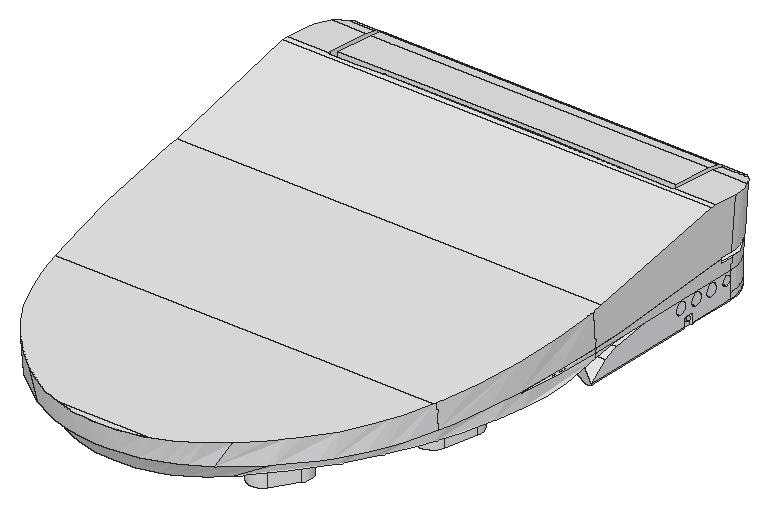
Revit family "Toilet_Seat-Elongated_Closed_Front-Cleansing-KOHLER-C3_1150-K-28362MY", category Plumbing Fixtures, host Face, Revit 2021
Family settings
  Host = Face
  Round Connector Dimension = Use Diameter
  Part Type = Normal
  OmniClass Number = 23.31.19.19.17
  OmniClass Title = Water Closet Seats
  Cut with Voids When Loaded = No
  Shared = No
  Room Calculation Point = No
Parameters (values of type "0-White")
  Width = 15 1/16"  # constant formula
  WaterSense Certified = 1 = 0  # no
  Waste Water Outlet = "Waste Water Outlet"  # constant formula
  Waste Connection = 1 = 0  # no
  Voltage = 220 V  # constant formula
  Vent Connection = 1 = 0  # no
  URL = "https://www.kohler.my/"
  Type = 1
  Seat Included = 1 = 1  # yes
  Rough-In = 0"
  Product Page URL = ""
  Product Name = "C3-1150"  # constant formula
  Product Documentation Link = ""
  Pressure = 0.00 psi
  Model = "K-28362MY-0"  # constant formula
  Material = "Plastic"  # constant formula
  Master Format 2014 Name = "Residential Water Closets"  # constant formula
  Master Format 2014 = "22 41 13.13"  # constant formula
  Manufacturer Address = "100-3.029, Block J, 129 Offices, Jaya One, No. 72A, Jalan Universiti, 46200 Petaling Jaya Selangor D\r\n"  # constant formula
  Manufacturer = "Kohler Co."  # constant formula
  Length = 20 111/256"  # constant formula
  Hot Water Inlet = "Hot Water Inlet"  # constant formula
  Height = 3.56693"  # constant formula
  HW Connection = 1 = 0  # no
  Flush Rate- LPF = "LPF"  # constant formula
  Flush Rate- GPF = "GPF"  # constant formula
  Flow Rate = 0 GPM
  Finish = Kohler-Plastic-0-White
  Environmental Product Declaration = ""
  Electrical Note = "One Dedicated Circuit Required"  # constant formula
  Electrical Connector = 1 = 1  # yes
  Description = "C3-680 Cleansing Seat"  # constant formula
  Default Elevation = 15"
  Declare Label = ""
  Date Modified = "11/27/2022"  # constant formula
  Date Created = "11/27/2022"  # constant formula
  Copyright = "Copyright Kohler Co."  # constant formula
  Contact Us = "https://www.kohler.my/contact-us"
  Cold Water Inlet = "Cold Water Inlet"  # constant formula
  CW Connection = 1 = 1  # yes
  Assembly Code = "D2010100"
  Apparent Load = 780 VA  # constant formula
  ADA Compliant = 1 = 0  # no
Reference planes (in)
  plane 1 "Center (Front/Back)": y = 0
  plane 2: z = 0
  plane 3 "Center (Left/Right)": x = 0
  plane 4: z = 0
  plane 5: z = 3.56693
  plane 6: x = -7.5315
  plane 7: x = 7.5315
  plane 8: y = -3.56693
  plane 9: x = -3.94094
  plane 10: x = 3.94094
  plane 11: y = -6.46885
  plane 12: y = -17.89011
  plane 13: y = -0.80315
  plane 14: z = 0
  plane 15: z = 3.56693
  plane 16: z = 1.81102
  plane 17: z = 1.43701
  plane 18: z = 2.77843
  plane 19: z = 0.87826
  plane 20: z = 0.41589
  plane 21: z = -0.91732
  plane 22: y = -20.43359
  plane 23: z = 0.41589
  plane 24: z = 0.87
  plane 25: x = 7.531
  plane 26: y = -2.45809
  plane 27: y = -3.41243
  plane 28: x = 7.31333
  plane 29: x = -7.31333
  plane 30: z = 1.05051
  plane 31: z = 0.4528
  plane 32: z = 0.4528
  plane 33: z = 0.4528
Forms (in)
  Extrusion 1, void
    sketch origin (0, 0, 0) x (0, 1, 0) y (0, 0, 1)
      loop
        line (-4.64786, -1.0251) -> (-3.53436, 0.0884) -> (-5.5782, 0.0884) -> (-4.64786, -1.0251)
    from -1.06073 to 1.10921
  Extrusion 2, void
    sketch origin (0.26563, 0, 0) x (1, 0, 0) y (0, 1, 0)
      loop
        circle (-1.51517, -5.13822) r 0.17977
    from -0.08081 to 0.12172
Dimensions and locks (in)
  host face to plane 4 = 0"
  "Height": level to plane 5
  plane 9 to plane 10 = 7.88189"
  plane 11 to plane 12 = 11.42126"
  level to plane 16 = 1.81102"
  level to plane 17 = 1.43701"
  "Length": plane 22 to plane 1 "Center (Front/Back)"
  "Width": plane 6 to plane 25
  aligned and locked: plane 2 to host face
  aligned and locked: level to host face
  aligned and locked: plane 3 "Center (Left/Right)" to nested 1
  aligned and locked: plane 1 "Center (Front/Back)" to nested 1
  aligned and locked: nested 1 to plane 14
  aligned and locked: plane 14 to level
Automatic sketch dimensions
  host sketch curve to host sketch curve = 96"  (x2)
  Extrusion 2 sketch curve to plane 3 "Center (Left/Right)" = 1.24954"
  plane 11 to Extrusion 2 sketch curve = 1.33063"
  plane 8 to Extrusion 1 sketch curve = 0.03257"
  level to Extrusion 1 sketch curve = 0.0884"
  plane 21 to Extrusion 1 sketch curve = 0.10778"
  Extrusion 1 sketch curve to plane 8 = 1.08093"
  plane 11 to Extrusion 1 sketch curve = 0.89065"
  radius of Extrusion 2 sketch curve = 0.17977"
Nested families (in)
  nested 1: "K-28362MY" at (0, 0, -0.91732), type "K-28362MY"
Connectors (in)
  piping at (-7.31333, -2.45809, 1.05051), diameter 0.5, driven by "CW Connection", driven by "Cold Water Inlet"
    settings: on nested 1, index 2, connector inside diameter 24", connector length 0", flow factor 0, pipe flow 0 GPM, pressure drop 0.00 psi, fitting loss kfactor 0, connector angle 0.00°, fixture units 0, engagement length 0", angle of deflection 0.00°, flow configuration 0, flow direction 1, fitting loss method 0, system type 20, joint type 0, gender type 0, connector reference index -1, connector utility 1, adjustable connector no, is connector primary yes, connector description "Cold Water Inlet"
  electrical at (7.31333, -3.41243, 0.4528), driven by "Electrical Connector", driven by "Electrical Note", driven by "Voltage", driven by "Apparent Load"
    settings: on nested 1, index 3, voltage 220 V, apparent load 780 VA, apparent load phase1 0 VA, apparent load phase2 0 VA, apparent load phase3 0 VA, power factor 1, load classification "Power", number of poles 1, system type 30, power factor state 1, is connector primary yes, connector utility yes, sub classification motor no, connector description "One Dedicated Circuit Required"
Definition of nested family "K-28362MY"
  Parameters (values of type "K-28362MY")
    Material = none
    HC = no
    Default Elevation = 0"
  Reference planes (in)
    plane 1 "Center (Front/Back)": y = 0
    plane 2: z = 0
    plane 3 "Center (Left/Right)": x = 0
    plane 4 "A": through (0, -4.15406, 2.4332) normal (0, -0.2824, 0.9593)
    plane 5 "1": through (0, -4.44479, 3.48686) normal (0, -0.2272, 0.9739)
    plane 6: z = 1.12782
    plane 7: z = 3.95289
    plane 8: z = 0
    plane 9: x = -7.5315
    plane 10: x = 7.5315
    plane 11: y = -20.43307
    plane 12: y = -0.80315
    plane 13 "4": through (0, -4.94768, 0.41919) normal (0, -0.7071, -0.7071)
    plane 14 "2": through (0, -4.38689, 0.22976) normal (0, -0.7071, 0.7071)
    plane 15: y = -6.46885
    plane 16: y = -17.89011
    plane 17: x = 3.94094
    plane 18: x = -3.94094
    plane 19: z = 4.48425
    plane 20: z = 0.91732
    plane 21: y = -37.30315
    plane 22: z = 2.72835
    plane 23: z = 2.35433
    plane 24: y = -2.53191
    plane 25: x = 7.50124
    plane 26: x = -7.50327
    plane 27: z = 3.69575
    plane 28: y = 0
    plane 29: y = -3.41243
    plane 30: z = 1.33321
    plane 31: z = 0
    plane 32: z = 1.78733
    plane 33: x = 7.31333
    plane 34: x = -7.31333
    plane 35: y = -2.45809
    plane 36: z = 1.37012
    plane 37: z = 1.96783
  Forms (in)
    Extrusion 1, void
      sketch origin (0, 0, 0) x (1, 0, 0) y (0, 1, 0)
        loop
          line (5.91841, 0.5055) -> (5.91841, -2.22794)
          arc (5.91841, -2.22794) -> (0, -2.17361) -> (-5.91841, -2.2281) r 321.9074
          line (-5.91841, -2.2281) -> (-5.91841, 0.60393) -> (-6.08082, 0.60393) -> (-6.08082, -2.36326)
          arc (-6.08082, -2.36326) -> (-6.03838, -2.46298) -> (-5.93709, -2.50153) r 0.13837
          arc (-5.93709, -2.50153) -> (0.0003, -2.38675) -> (5.93768, -2.50202) r 153.30301
          arc (5.93768, -2.50202) -> (6.03855, -2.46363) -> (6.08082, -2.36433) r 0.1378
          line (6.08082, -2.36433) -> (6.08082, 0.5055) -> (5.91841, 0.5055)
      from 2.68112 to 7.6623
    Extrusion 2, solid, material <- "Material", detail levels medium+fine
      sketch origin (0, 0, 0) x (0, 1, 0) y (0, 0, 1)
        loop
          line (-5.47875, 1.05493) -> (-4.56243, 0.02686) -> (-3.53436, 1.05493) -> (-5.47875, 1.05493)
      from -1.02586 to 1.06291
    Sweep 3, solid, material <- "Material", detail levels medium+fine
      path origin (0, 0, 0) x (1, 0, 0) y (0, 1, 0)
        loop
          line (7.31333, -8.16841) -> (7.31333, -1.5748)
          arc (7.31333, -1.5748) -> (6.85208, -0.46125) -> (5.73853, 0) r 1.5748
          line (5.73853, 0) -> (-5.81333, 0)
          arc (-5.81333, 0) -> (-6.87399, -0.43934) -> (-7.31333, -1.5) r 1.5
          line (-7.31333, -1.5) -> (-7.31333, -7.99606)
      profile origin (-7.31333, -4.74803, 0) x (1, 0, 0) y (0, 0, 1)
        loop
          line (0, 1.38413) -> (0, 1.15841)
          arc (0, 1.15841) -> (0.00565, 1.13731) -> (0.0211, 1.12186) r 0.0422
          line (0.0211, 1.12186) -> (0.33319, 0.94168)
          arc (0.33319, 0.94168) -> (0.37703, 0.92352) -> (0.42408, 0.91732) r 0.18179
          line (0.42408, 0.91732) -> (0.68301, 0.91732) -> (0.68301, 1.38413) -> (0, 1.38413)
    Extrusion 4, solid, material <- "Material", detail levels medium+fine
      sketch origin (0, 0, 0) x (1, 0, 0) y (0, 1, 0)
        loop
          arc (-5.95669, -0.68301) -> (-6.58728, -0.94421) -> (-6.84848, -1.5748) r 0.89179
          line (-6.84848, -1.5748) -> (-6.84848, -7.99606) -> (6.84848, -7.99606) -> (6.84848, -1.5748)
          arc (6.84848, -1.5748) -> (6.58728, -0.94421) -> (5.95669, -0.68301) r 0.89179
          line (5.95669, -0.68301) -> (-5.95669, -0.68301)
      from 0.91732 to 1.38413
    Extrusion 5, void
      sketch origin (0, 0, -0.05469) x (1, 0, 0) y (0, 0, 1)
        loop
          arc (-6.49631, 2.77136) -> (-6.26963, 2.7976) -> (-6.04144, 2.79893) r 2.08579
          line (-6.04144, 2.79893) -> (-6.04144, 3.13675)
          arc (-6.04144, 3.13675) -> (-6.21672, 3.13193) -> (-6.39033, 3.1073) r 1.5473
          arc (-6.39033, 3.1073) -> (-6.69483, 3.02189) -> (-6.98292, 2.89143) r 2.086
          arc (-6.98292, 2.89143) -> (-7.15579, 2.80875) -> (-7.3367, 2.74553) r 1.74393
          arc (-7.3367, 2.74553) -> (-7.44785, 2.71734) -> (-7.56062, 2.69652) r 1.74393
          arc (-7.56062, 2.69652) -> (-7.7236, 2.64352) -> (-7.89164, 2.60989) r 1.46679
          arc (-7.89164, 2.60989) -> (-7.81686, 2.5539) -> (-7.72802, 2.52499) r 0.28594
          arc (-7.72802, 2.52499) -> (-7.50668, 2.51864) -> (-7.29034, 2.56584) r 0.91167
          arc (-7.29034, 2.56584) -> (-6.8976, 2.68514) -> (-6.49631, 2.77136) r 4.93078
        loop
          arc (6.49631, 2.77136) -> (6.8976, 2.68514) -> (7.29034, 2.56584) r 4.93078
          arc (7.29034, 2.56584) -> (7.50668, 2.51864) -> (7.72802, 2.52499) r 0.91167
          arc (7.72802, 2.52499) -> (7.81686, 2.5539) -> (7.89164, 2.60989) r 0.28594
          arc (7.89164, 2.60989) -> (7.7236, 2.64352) -> (7.56062, 2.69652) r 1.46679
          arc (7.56062, 2.69652) -> (7.44785, 2.71734) -> (7.3367, 2.74553) r 1.74393
          arc (7.3367, 2.74553) -> (7.15579, 2.80875) -> (6.98292, 2.89143) r 1.74393
          arc (6.98292, 2.89143) -> (6.69483, 3.02189) -> (6.39033, 3.1073) r 2.086
          arc (6.39033, 3.1073) -> (6.21672, 3.13193) -> (6.04144, 3.13675) r 1.5473
          line (6.04144, 3.13675) -> (6.04144, 2.79893)
          arc (6.04144, 2.79893) -> (6.26963, 2.7976) -> (6.49631, 2.77136) r 2.08579
      from -0.13429 to 2.04421
    Extrusion 6, solid, material <- "Material"
      sketch origin (0.08093, 0, 0) x (1, 0, 0) y (0, 1, 0)
        loop
          arc (6.28907, -11.44968) -> (5.90327, -10.79419) -> (5.22825, -11.14469) r 0.55268
          line (5.22825, -11.14469) -> (4.95538, -12.32661)
          arc (4.95538, -12.32661) -> (5.3684, -12.98759) -> (6.02937, -12.57456) r 0.55112
          line (6.02937, -12.57456) -> (6.28907, -11.44968)
        loop
          line (-6.48592, -11.44968) -> (-6.22622, -12.57456)
          arc (-6.22622, -12.57456) -> (-5.56525, -12.98759) -> (-5.15223, -12.32661) r 0.55112
          line (-5.15223, -12.32661) -> (-5.4251, -11.14469)
          arc (-5.4251, -11.14469) -> (-6.10012, -10.79419) -> (-6.48592, -11.44968) r 0.55268
      from 0.91732 to 1.49291
    Extrusion 7, void
      sketch origin (0, 0, 0) x (0, 1, 0) y (0, 0, 1)
        loop
          arc (-2.44346, 4.58365) -> (-1.61512, 4.52879) -> (-0.7883, 4.45443) r 35.22946
          arc (-0.7883, 4.45443) -> (-0.58901, 4.42749) -> (-0.39192, 4.38749) r 3.05569
          arc (-0.39192, 4.38749) -> (-0.1827, 4.2592) -> (-0.09013, 4.03191) r 0.3937
          line (-0.09013, 4.03191) -> (0.07757, 1.63366) -> (0.51402, 1.63366) -> (0.51402, 5.25794) -> (-21.08788, 5.25794) -> (-21.08788, 2.86459)
          arc (-21.08788, 2.86459) -> (-20.4862, 2.86495) -> (-19.88453, 2.86704) r 210.34624
          arc (-19.88453, 2.86704) -> (-16.80236, 2.90473) -> (-13.72108, 2.98757) r 210.34624
          arc (-13.72108, 2.98757) -> (-10.53082, 3.18691) -> (-7.35688, 3.56574) r 56.6922
          arc (-7.35688, 3.56574) -> (-4.98208, 3.99197) -> (-2.63781, 4.56267) r 39.42662
          arc (-2.63781, 4.56267) -> (-2.54148, 4.58104) -> (-2.44346, 4.58365) r 0.60644
      from -9.62549 to 9.84252
    Extrusion 8, void
      sketch origin (0, 0, 0) x (1, 0, 0) y (0, 0, 1)
        loop
          line (3.62375, 2.99049) -> (3.62375, 1.61254) -> (5.63601, 1.61254) -> (5.63601, 2.99049) -> (3.62375, 2.99049)
        loop
          arc (3.64344, 3.06923) -> (3.57384, 3.0404) -> (3.54501, 2.9708) r 0.09843
          line (3.54501, 2.9708) -> (3.54501, 1.63222)
          arc (3.54501, 1.63222) -> (3.57384, 1.56262) -> (3.64344, 1.5338) r 0.09843
          line (3.64344, 1.5338) -> (5.65324, 1.5338)
          arc (5.65324, 1.5338) -> (5.72284, 1.56262) -> (5.75166, 1.63222) r 0.09843
          line (5.75166, 1.63222) -> (5.75166, 2.9708)
          arc (5.75166, 2.9708) -> (5.72284, 3.0404) -> (5.65324, 3.06923) r 0.09843
          line (5.65324, 3.06923) -> (3.64344, 3.06923)
      from -0.39237 to 0.16455
    Revolve 9, solid, material <- "Material", detail levels medium+fine
      sketch origin (0, 0, 0) x (0, 1, 0) y (0, 0, 1)
        loop
          line (-4.68887, -0.0024) -> (-4.53157, 0.08124) -> (-4.96245, 0.51212) -> (-4.68887, -0.0024)
        axis (-4.96245, 0.51212) -> (-4.53157, 0.08124)
      angle from 0 to 360
    Extrusion 10, void
      sketch origin (0, -2.26425, -2.26425) x (0, -0.707107, 0.707107) y (-1, 0, 0)
        loop
          line (4.40423, 0.84314) -> (4.52101, 0.87443) -> (2.89015, 0.87443) -> (2.89015, -0.87669) -> (4.52101, -0.87669) -> (4.52101, -0.8454) -> (3.087, -0.8454) -> (3.087, 0.84314) -> (4.40423, 0.84314)
      from -0.09025 to 0.67689
    Extrusion 11, void
      sketch origin (0, -2.30833, 2.30833) x (0, 0.707107, 0.707107) y (-1, 0, 0)
        loop
          line (-3.1742, -1.21901) -> (-3.1742, 1.19132) -> (-3.43784, 1.19132) -> (-3.43784, -1.21901) -> (-3.1742, -1.21901)
      from -0.09514 to 0.23435
    Extrusion 12, solid, material <- "Material"
      sketch origin (0, 0, 0) x (1, 0, 0) y (0, 1, 0)
        loop
          line (-4.25501, -16.52036) -> (-3.70463, -17.33634)
          arc (-3.70463, -17.33634) -> (-3.02144, -17.46914) -> (-2.88865, -16.78596) r 0.49213
          line (-2.88865, -16.78596) -> (-3.43903, -15.96997)
          arc (-3.43903, -15.96997) -> (-4.12222, -15.83718) -> (-4.25501, -16.52036) r 0.49213
        loop
          arc (4.25964, -16.52036) -> (4.12684, -15.83718) -> (3.44366, -15.96997) r 0.49213
          line (3.44366, -15.96997) -> (2.89327, -16.78596)
          arc (2.89327, -16.78596) -> (3.02607, -17.46914) -> (3.70925, -17.33634) r 0.49213
          line (3.70925, -17.33634) -> (4.25964, -16.52036)
      from 0.91732 to 1.49291
    Extrusion 13, void
      sketch origin (0, -0.24606, 0) x (1, 0, 0) y (0, 1, 0)
        loop
          arc (-3.01457, -5.68304) -> (-5.74362, -6.60076) -> (-8.24284, -8.03037) r 14.77384
          line (-8.24284, -8.03037) -> (8.17796, -8.03037)
          arc (8.17796, -8.03037) -> (4.92674, -6.1476) -> (1.25856, -5.33535) r 12.28646
          arc (1.25856, -5.33535) -> (-0.89068, -5.35337) -> (-3.01457, -5.68304) r 14.77384
      from -1.71563 to 1.71758
    Extrusion 14, void
      sketch origin (0, 0, 0) x (0, 1, 0) y (0, 0, 1)
        loop
          line (-8.59995, 0.37029) -> (-7.01965, 1.65)
          arc (-7.01965, 1.65) -> (-6.79687, 1.78589) -> (-6.54621, 1.85846) r 0.98425
          arc (-6.54621, 1.85846) -> (-5.49558, 2.03486) -> (-4.45175, 2.24789) r 30.46563
          arc (-4.45175, 2.24789) -> (-5.5682, 2.14306) -> (-6.68491, 2.04112) r 433.66908
          arc (-6.68491, 2.04112) -> (-7.37733, 1.94727) -> (-8.05852, 1.79159) r 7.77016
          arc (-8.05852, 1.79159) -> (-8.74373, 1.64) -> (-9.44096, 1.56027) r 6.75965
          arc (-9.44096, 1.56027) -> (-10.3103, 1.51257) -> (-11.18022, 1.47726) r 61.15216
          arc (-11.18022, 1.47726) -> (-12.35109, 1.44412) -> (-13.52225, 1.42306) r 113.58514
          arc (-13.52225, 1.42306) -> (-14.6389, 1.41231) -> (-15.75559, 1.40873) r 174.11127
          line (-15.75559, 1.40873) -> (-19.66799, 1.40873)
          arc (-19.66799, 1.40873) -> (-20.43129, 1.42997) -> (-21.19222, 1.49363) r 13.72485
          line (-21.19222, 1.49363) -> (-21.19222, 0.1505) -> (-8.59995, 0.37029)
      from -8.53725 to 9.58816
    Extrusion 15, void
      sketch origin (0, 0, 0) x (0, 1, 0) y (0, 0, -1)
        loop
          line (-2.04421, -2.64648) -> (-2.01591, -2.61818)
          arc (-2.01591, -2.61818) -> (-4.18902, -2.35864) -> (-6.3741, -2.23539) r 35.00923
          arc (-6.3741, -2.23539) -> (-8.43404, -2.17117) -> (-10.49304, -2.08188) r 169.35089
          arc (-10.49304, -2.08188) -> (-11.97639, -2.03188) -> (-13.46057, -2.02857) r 47.17689
          arc (-13.46057, -2.02857) -> (-15.19471, -2.0536) -> (-16.9288, -2.08188) r 927.827
          line (-16.9288, -2.08188) -> (-12.99405, -2.08188)
          arc (-12.99405, -2.08188) -> (-11.7449, -2.10586) -> (-10.49607, -2.14301) r 118.48811
          arc (-10.49607, -2.14301) -> (-8.43563, -2.21006) -> (-6.37489, -2.26688) r 415.27458
          arc (-6.37489, -2.26688) -> (-4.20363, -2.38916) -> (-2.04421, -2.64648) r 34.88561
      from -9.69979 to -5.91841
    Extrusion 16, void
      sketch origin (0, 0, 0) x (1, 0, 0) y (0, 1, 0)
        loop
          arc (-3.13197, -7.40143) -> (-3.65095, -7.99233) -> (-3.97572, -8.70859) r 2.67568
          arc (-3.97572, -8.70859) -> (-4.18662, -9.98022) -> (-4.10502, -11.26663) r 5.67325
          arc (-4.10502, -11.26663) -> (-3.70389, -13.11659) -> (-3.16953, -14.93254) r 26.05869
          arc (-3.16953, -14.93254) -> (-2.51301, -16.26917) -> (-1.52589, -17.38415) r 5.5713
          arc (-1.52589, -17.38415) -> (0.01763, -17.95819) -> (1.56115, -17.38415) r 2.3622
          arc (1.56115, -17.38415) -> (2.54828, -16.26917) -> (3.20479, -14.93254) r 5.5713
          arc (3.20479, -14.93254) -> (3.73916, -13.11659) -> (4.14028, -11.26663) r 26.05869
          arc (4.14028, -11.26663) -> (4.22188, -9.98022) -> (4.01099, -8.70859) r 5.67325
          arc (4.01099, -8.70859) -> (3.68622, -7.99233) -> (3.16724, -7.40143) r 2.67568
          arc (3.16724, -7.40143) -> (0.01763, -6.24708) -> (-3.13197, -7.40143) r 4.87396
      from 0.45537 to 2.32037
    Extrusion 17, solid, material <- "Material", detail levels medium+fine
      sketch origin (0, 0, 0) x (1, 0, 0) y (0, 1, 0)
        loop
          line (6.99399, -6.34927) -> (6.99399, -3.33566) -> (-6.90799, -3.33566) -> (-6.90799, -6.34927)
          arc (-6.90799, -6.34927) -> (0.043, -5.24838) -> (6.99399, -6.34927) r 22.49465
      from 1.77908 to 2.08188
    Extrusion 18, void
      sketch origin (0, 0, 0) x (0, 1, 0) y (0, 0, 1)
        loop
          arc (-1.75643, 1.78851) -> (-2.44933, 2.4487) -> (-3.12425, 1.77014) r 0.68413
          line (-3.12425, 1.77014) -> (-3.12425, 1.27281) -> (-3.03539, 1.27281) -> (-3.03539, 1.0267) -> (-2.9505, 1.0267) -> (-2.9435, 1.22721)
          arc (-2.9435, 1.22721) -> (-2.9291, 1.25955) -> (-2.89629, 1.27281) r 0.04724
          line (-2.89629, 1.27281) -> (-1.93905, 1.27281)
          arc (-1.93905, 1.27281) -> (-1.90565, 1.25897) -> (-1.89181, 1.22556) r 0.04724
          line (-1.89181, 1.22556) -> (-1.89181, 1.0267) -> (-1.80976, 1.0267) -> (-1.81979, 1.31399) -> (-1.73986, 1.31399) -> (-1.75643, 1.78851)
      from -7.717 to -7.26433
    Extrusion 19, void
      sketch origin (0, 0, 0) x (0, 1, 0) y (0, 0, 1)
        loop
          arc (-3.21131, 1.41207) -> (-3.23438, 1.46775) -> (-3.29005, 1.49081) r 0.07874
          line (-3.29005, 1.49081) -> (-3.54651, 1.49081)
          arc (-3.54651, 1.49081) -> (-3.60219, 1.46775) -> (-3.62525, 1.41207) r 0.07874
          line (-3.62525, 1.41207) -> (-3.62525, 0.99722) -> (-3.21131, 0.99722) -> (-3.21131, 1.41207)
        loop
          circle (-3.42184, 1.31728) r 0.05906
      from -7.85962 to -7.26433
    Extrusion 20, void
      sketch origin (0, 0, 0) x (1, 0, 0) y (0, 0, 1)
        loop
          line (3.42335, 1.45052) -> (1.41798, 1.45052) -> (1.41798, 0.8935) -> (3.42335, 0.9986) -> (3.42335, 1.45052)
        loop
          line (-3.31542, 1.36631) -> (-3.31542, 0.77576) -> (-1.43891, 0.77576) -> (-1.43891, 1.36631) -> (-3.31542, 1.36631)
      from -0.72251 to 0.16455
    Extrusion 21, void
      sketch origin (0, 0, 0) x (1, 0, 0) y (0, 0, 1)
        loop
          arc (0.18328, 1.66189) -> (0.00181, 1.84336) -> (-0.17967, 1.66189) r 0.18147
          line (-0.17967, 1.66189) -> (-0.17967, 0.77576) -> (0.18328, 0.77576) -> (0.18328, 1.66189)
        loop
          circle (0.00181, 1.66189) r 0.0663
        loop
          arc (-6.01751, 1.58807) -> (-6.19898, 1.76955) -> (-6.38045, 1.58807) r 0.18147
          line (-6.38045, 1.58807) -> (-6.38045, 0.77576) -> (-6.01751, 0.77576) -> (-6.01751, 1.58807)
        loop
          circle (-6.19898, 1.58807) r 0.0663
        loop
          arc (6.38407, 1.58807) -> (6.20259, 1.76955) -> (6.02112, 1.58807) r 0.18147
          line (6.02112, 1.58807) -> (6.02112, 0.75499) -> (6.38407, 0.75499) -> (6.38407, 1.58807)
        loop
          circle (6.20259, 1.58807) r 0.0663
      from -0.41876 to 0.16455
    Extrusion 22, void
      sketch origin (0, 0, 0) x (0, 1, 0) y (0, 0, 1)
        loop
          circle (-3.74729, 1.83353) r 0.20472
        loop
          circle (-3.06994, 1.83353) r 0.20472
        loop
          circle (-2.41479, 1.83353) r 0.20472
        loop
          circle (-1.75244, 1.83353) r 0.15748
        loop
          line (-3.62584, 1.41402) -> (-3.62584, 0.85381) -> (-3.20754, 0.85381) -> (-3.20754, 1.41402)
          arc (-3.20754, 1.41402) -> (-3.2306, 1.4697) -> (-3.28628, 1.49276) r 0.07874
          line (-3.28628, 1.49276) -> (-3.5471, 1.49276)
          arc (-3.5471, 1.49276) -> (-3.60278, 1.4697) -> (-3.62584, 1.41402) r 0.07874
        loop
          circle (-3.74729, 1.83353) r 0.19685
        loop
          circle (-3.06994, 1.83353) r 0.19685
        loop
          circle (-2.41479, 1.83353) r 0.19685
        loop
          circle (-1.75244, 1.83353) r 0.14961
      from 7.15244 to 7.84264
    Extrusion 23, solid, material <- "Material", detail levels medium+fine
      sketch origin (0, 0.07382, 0.17224) x (0, 1, 0) y (0, 0, 1)
        loop
          circle (-2.53191, 1.79559) r 0.19685
      from -7.31333 to -7.24747
    Extrusion 24, solid, material <- "Material"
      sketch origin (0.30664, 0, 0) x (1, 0, 0) y (0, 1, 0)
        loop
          circle (-1.55618, -5.13822) r 0.1702
      from 0.84881 to 0.91732
    Blend 25, solid, material <- "Material", detail levels medium+fine
      base sketch origin (0, 0, 0) x (1, 0, 0) y (0, 1, 0)
        loop
          line (-7.31333, -1.5748) -> (-7.31333, -7.46952)
          arc (-7.31333, -7.46952) -> (-7.06697, -11.05046) -> (-6.33252, -14.56392) r 26.14799
          arc (-6.33252, -14.56392) -> (-5.03506, -17.1877) -> (-2.87868, -19.16702) r 7.97865
          arc (-2.87868, -19.16702) -> (0.16449, -19.97981) -> (3.141, -18.94933) r 5.37906
          arc (3.141, -18.94933) -> (5.40289, -16.56202) -> (6.66704, -13.52602) r 9.08795
          arc (6.66704, -13.52602) -> (7.1513, -10.51497) -> (7.31333, -7.46952) r 28.70152
          line (7.31333, -7.46952) -> (7.31333, -1.5748)
          arc (7.31333, -1.5748) -> (6.85208, -0.46125) -> (5.73853, 0) r 1.5748
          line (5.73853, 0) -> (-5.73853, 0)
          arc (-5.73853, 0) -> (-6.85208, -0.46125) -> (-7.31333, -1.5748) r 1.5748
      top sketch origin (0, 0, 0) x (1, 0, 0) y (0, 1, 0)
        loop
          line (-7.5315, -1.5748) -> (-7.5315, -7.90027)
          arc (-7.5315, -7.90027) -> (-7.22961, -11.47029) -> (-6.33252, -14.93892) r 21.25984
          arc (-6.33252, -14.93892) -> (-5.51719, -16.76571) -> (-4.4134, -18.43412) r 12.16097
          arc (-4.4134, -18.43412) -> (0.21858, -20.58097) -> (4.68432, -18.10685) r 5.63676
          arc (4.68432, -18.10685) -> (5.83833, -16.08061) -> (6.66704, -13.90102) r 15.11957
          arc (6.66704, -13.90102) -> (7.31427, -10.93162) -> (7.5315, -7.90027) r 21.25984
          line (7.5315, -7.90027) -> (7.5315, -1.5748)
          arc (7.5315, -1.5748) -> (7.07025, -0.46125) -> (5.95669, 0) r 1.5748
          line (5.95669, 0) -> (-5.95669, 0)
          arc (-5.95669, 0) -> (-7.07025, -0.46125) -> (-7.5315, -1.5748) r 1.5748
      from 2.08188 to 4.81616
    Blend 26, solid, material <- "Material", detail levels medium+fine
      base sketch origin (0, 0, 0) x (1, 0, 0) y (0, 1, 0)
        loop
          line (5.73853, 0) -> (-5.81333, 0)
          arc (-5.81333, 0) -> (-6.87399, -0.43934) -> (-7.31333, -1.5) r 1.5
          line (-7.31333, -1.5) -> (-7.31333, -7.46952)
          arc (-7.31333, -7.46952) -> (-6.2174, -13.20012) -> (-3.08429, -18.12196) r 15.53062
          arc (-3.08429, -18.12196) -> (0.01642, -19.45688) -> (3.11208, -18.1103) r 4.25
          arc (3.11208, -18.1103) -> (6.22499, -13.18959) -> (7.31333, -7.46952) r 15.57591
          line (7.31333, -7.46952) -> (7.31333, -1.5748)
          arc (7.31333, -1.5748) -> (6.85208, -0.46125) -> (5.73853, 0) r 1.5748
      top sketch origin (0, 0, 0) x (1, 0, 0) y (0, 1, 0)
        loop
          line (5.73853, 0) -> (-5.73853, 0)
          arc (-5.73853, 0) -> (-6.85208, -0.46125) -> (-7.31333, -1.5748) r 1.5748
          line (-7.31333, -1.5748) -> (-7.31333, -7.46952)
          arc (-7.31333, -7.46952) -> (-6.55943, -12.69804) -> (-4.35914, -17.50059) r 18.50754
          arc (-4.35914, -17.50059) -> (0.12419, -19.90461) -> (4.54054, -17.37964) r 5.25
          arc (4.54054, -17.37964) -> (6.60707, -12.61488) -> (7.31333, -7.46952) r 19.09608
          line (7.31333, -7.46952) -> (7.31333, -1.5748)
          arc (7.31333, -1.5748) -> (6.85208, -0.46125) -> (5.73853, 0) r 1.5748
      from 1.38413 to 2.08188
    Extrusion 27, void
      sketch origin (0, 0, 0) x (0, 1, 0) y (0, 0, 1)
        loop
          arc (-2.04421, 2.64648) -> (-4.20363, 2.38916) -> (-6.37489, 2.26688) r 34.88561
          arc (-6.37489, 2.26688) -> (-8.43563, 2.21006) -> (-10.49607, 2.14301) r 415.27458
          arc (-10.49607, 2.14301) -> (-11.7449, 2.10586) -> (-12.99405, 2.08188) r 118.48811
          line (-12.99405, 2.08188) -> (-16.9288, 2.08188)
          arc (-16.9288, 2.08188) -> (-15.19471, 2.0536) -> (-13.46057, 2.02857) r 927.827
          arc (-13.46057, 2.02857) -> (-11.97639, 2.03188) -> (-10.49304, 2.08188) r 47.17689
          arc (-10.49304, 2.08188) -> (-8.43404, 2.17117) -> (-6.3741, 2.23539) r 169.35089
          arc (-6.3741, 2.23539) -> (-4.18902, 2.35864) -> (-2.01591, 2.61818) r 35.00923
          line (-2.01591, 2.61818) -> (-2.04421, 2.64648)
      from -9.69979 to -4.58168
    Extrusion 28, solid, material <- "Material", detail levels medium+fine
      sketch origin (0, 0.01845, 0.03691) x (0, 1, 0) y (0, 0, 1)
        loop
          circle (-3.43088, 1.33321) r 0.06821
      from 7.18379 to 7.31333
    Extrusion 29, solid, material <- "Material", detail levels coarse
      sketch origin (0, 0, 0) x (0, 1, 0) y (0, 0, 1)
        loop
          line (-4.56243, 0.02686) -> (-3.67197, 0.91732) -> (-5.45289, 0.91732) -> (-4.56243, 0.02686)
      from -1.02586 to 1.06291
    Extrusion 30, void
      sketch origin (0, 0, 0) x (1, 0, 0) y (0, 1, 0)
        loop
          arc (-3.01457, -5.92911) -> (-4.79958, -6.46155) -> (-6.5034, -7.21437) r 14.77384
          line (-6.5034, -7.21437) -> (6.63221, -7.21437)
          arc (6.63221, -7.21437) -> (4.03994, -6.08673) -> (1.25856, -5.58141) r 12.28646
          arc (1.25856, -5.58141) -> (-0.89068, -5.59943) -> (-3.01457, -5.92911) r 14.77384
      from 1.21979 to 1.91927
    Extrusion 31, solid, material <- "Material", detail levels coarse
      sketch origin (0, 0, 0) x (1, 0, 0) y (0, 1, 0)
        loop
          arc (-7.31333, -7.39455) -> (0.00661, -5.94977) -> (7.31333, -7.45998) r 18.83875
          line (7.31333, -7.45998) -> (7.31333, -1.63273)
          arc (7.31333, -1.63273) -> (6.85208, -0.51918) -> (5.73853, -0.05793) r 1.5748
          line (5.73853, -0.05793) -> (-5.81333, -0.05793)
          arc (-5.81333, -0.05793) -> (-6.87399, -0.49727) -> (-7.31333, -1.55793) r 1.5
          line (-7.31333, -1.55793) -> (-7.31333, -7.39455)
      from 0.91732 to 1.38413
    Blend 32, solid, material <- "Material", detail levels coarse
      base sketch origin (-0.01073, -0.05793, 0) x (1, 0, 0) y (0, 1, 0)
        loop
          line (5.74926, 0) -> (-5.8026, 0)
          arc (-5.8026, 0) -> (-6.86326, -0.43934) -> (-7.3026, -1.5) r 1.5
          line (-7.3026, -1.5) -> (-7.3026, -7.46952)
          arc (-7.3026, -7.46952) -> (-6.20667, -13.20012) -> (-3.07356, -18.12196) r 15.53062
          arc (-3.07356, -18.12196) -> (0.02715, -19.45688) -> (3.12281, -18.1103) r 4.25
          arc (3.12281, -18.1103) -> (6.23572, -13.18959) -> (7.32406, -7.46952) r 15.57591
          line (7.32406, -7.46952) -> (7.32406, -1.5748)
          arc (7.32406, -1.5748) -> (6.86281, -0.46125) -> (5.74926, 0) r 1.5748
      top sketch origin (-0.01073, -0.05793, 0) x (1, 0, 0) y (0, 1, 0)
        loop
          line (5.73853, 0) -> (-5.73853, 0)
          arc (-5.73853, 0) -> (-6.85208, -0.46125) -> (-7.31333, -1.5748) r 1.5748
          line (-7.31333, -1.5748) -> (-7.31333, -7.46952)
          arc (-7.31333, -7.46952) -> (-6.55943, -12.69804) -> (-4.35914, -17.50059) r 18.50754
          arc (-4.35914, -17.50059) -> (0.12419, -19.90461) -> (4.54054, -17.37964) r 5.25
          arc (4.54054, -17.37964) -> (6.60707, -12.61488) -> (7.31333, -7.46952) r 19.09608
          line (7.31333, -7.46952) -> (7.31333, -1.5748)
          arc (7.31333, -1.5748) -> (6.85208, -0.46125) -> (5.73853, 0) r 1.5748
      from 1.38413 to 2.08188
    Blend 33, solid, material <- "Material", detail levels coarse
      base sketch origin (0.05141, -0.05793, 0) x (1, 0, 0) y (0, 1, 0)
        loop
          arc (-5.80067, 0) -> (-6.91422, -0.46125) -> (-7.37547, -1.5748) r 1.5748
          line (-7.37547, -1.5748) -> (-7.37547, -5.70866)
          arc (-7.37547, -5.70866) -> (-7.23918, -9.40589) -> (-6.83104, -13.08305) r 50.21624
          arc (-6.83104, -13.08305) -> (-5.78044, -16.15585) -> (-3.70442, -18.65305) r 8.96814
          arc (-3.70442, -18.65305) -> (0.15076, -19.97434) -> (3.90469, -18.3881) r 5.70866
          arc (3.90469, -18.3881) -> (5.82943, -15.78959) -> (6.78683, -12.70086) r 9.64237
          arc (6.78683, -12.70086) -> (7.13497, -9.19826) -> (7.25119, -5.68032) r 53.30263
          line (7.25119, -5.68032) -> (7.25119, -1.5748)
          arc (7.25119, -1.5748) -> (6.78994, -0.46125) -> (5.67639, 0) r 1.5748
          line (5.67639, 0) -> (-5.80067, 0)
      top sketch origin (0.05141, -0.05793, 0) x (1, 0, 0) y (0, 1, 0)
        loop
          line (-7.5315, -1.5748) -> (-7.5315, -7.90027)
          arc (-7.5315, -7.90027) -> (-7.22961, -11.47029) -> (-6.33252, -14.93892) r 21.25984
          arc (-6.33252, -14.93892) -> (-5.51719, -16.76571) -> (-4.4134, -18.43412) r 12.16097
          arc (-4.4134, -18.43412) -> (0.21858, -20.58097) -> (4.68432, -18.10685) r 5.63676
          arc (4.68432, -18.10685) -> (5.83833, -16.08061) -> (6.66704, -13.90102) r 15.11957
          arc (6.66704, -13.90102) -> (7.31427, -10.93162) -> (7.5315, -7.90027) r 21.25984
          line (7.5315, -7.90027) -> (7.5315, -1.5748)
          arc (7.5315, -1.5748) -> (7.07025, -0.46125) -> (5.95669, 0) r 1.5748
          line (5.95669, 0) -> (-5.95669, 0)
          arc (-5.95669, 0) -> (-7.07025, -0.46125) -> (-7.5315, -1.5748) r 1.5748
      from 2.08188 to 4.81616
  Cuts and joins
    Extrusion 10, Extrusion 11 cuts Extrusion 2
    Extrusion 27 cuts Extrusion 17
    Extrusion 1, Extrusion 5, Extrusion 7, Extrusion 8, Extrusion 15, Extrusion 18, Extrusion 27 cuts Blend 25
    Extrusion 13, Extrusion 14, Extrusion 18, Extrusion 19, Extrusion 20, Extrusion 21, Extrusion 22 cuts Sweep 3
    Extrusion 13, Extrusion 14 cuts Extrusion 4
    Extrusion 8, Extrusion 13, Extrusion 14, Extrusion 16, Extrusion 18, Extrusion 19, Extrusion 20, Extrusion 21, Extrusion 22, Extrusion 27, Extrusion 30 cuts Blend 26
    joined: Sweep 3, Extrusion 4, Blend 26
    Extrusion 14 cuts Blend 32
    Extrusion 7 cuts Blend 33
    joined: Blend 32, Blend 33
    Extrusion 14 cuts Extrusion 31
  Lines and regions (in)
    Masking region 1
      outline origin (0, 0, 0) x (1, 0, 0) y (0, 1, 0)
        loop
          arc (4.20197, -18.63719) -> (5.06646, -17.57973) -> (5.75771, -16.40171) r 8.8395
          arc (5.75771, -16.40171) -> (7.08333, -12.24253) -> (7.5315, -7.90027) r 21.25984
          line (7.5315, -7.90027) -> (7.5315, -1.5748)
          arc (7.5315, -1.5748) -> (7.07025, -0.46125) -> (5.95669, 0) r 1.5748
          line (5.95669, 0) -> (-5.95669, 0)
          arc (-5.95669, 0) -> (-7.07025, -0.46125) -> (-7.5315, -1.5748) r 1.5748
          line (-7.5315, -1.5748) -> (-7.5315, -7.90027)
          arc (-7.5315, -7.90027) -> (-7.08333, -12.24253) -> (-5.75771, -16.40171) r 21.25984
          arc (-5.75771, -16.40171) -> (-5.06646, -17.57973) -> (-4.20197, -18.63719) r 8.8395
          arc (-4.20197, -18.63719) -> (0, -20.43394) -> (4.20197, -18.63719) r 5.81185
    Masking region 2
      outline origin (0, 0, 0) x (0, 1, 0) y (0, 0, 1)
        loop
          arc (-0.10429, 3.93589) -> (-0.19686, 4.16318) -> (-0.40608, 4.29148) r 0.3937
          arc (-0.40608, 4.29148) -> (-0.60316, 4.33147) -> (-0.80246, 4.35842) r 3.05569
          arc (-0.80246, 4.35842) -> (-1.62928, 4.43278) -> (-2.45762, 4.48763) r 35.22946
          arc (-2.45762, 4.48763) -> (-2.55564, 4.48502) -> (-2.65196, 4.46665) r 0.60644
          arc (-2.65196, 4.46665) -> (-4.99624, 3.89596) -> (-7.37103, 3.46972) r 39.42662
          arc (-7.37103, 3.46972) -> (-13.84496, 2.80696) -> (-20.35225, 2.72834) r 72.38254
          arc (-20.35225, 2.72834) -> (-20.41367, 2.70184) -> (-20.43235, 2.63761) r 0.07849
          line (-20.43235, 2.63761) -> (-20.30474, 1.83192)
          arc (-20.30474, 1.83192) -> (-20.28687, 1.79999) -> (-20.25254, 1.78733) r 0.05286
          line (-20.25254, 1.78733) -> (-20.0352, 1.78733) -> (-20.0352, 1.74316) -> (-19.99295, 1.74316) -> (-19.99295, 1.61726)
          arc (-19.99295, 1.61726) -> (-19.98749, 1.592) -> (-19.97207, 1.57125) r 0.06116
          line (-19.97207, 1.57125) -> (-19.51622, 1.17219) -> (-17.48445, 1.19913)
          arc (-17.48445, 1.19913) -> (-17.43664, 1.18571) -> (-17.40377, 1.14848) r 0.08774
          line (-17.40377, 1.14848) -> (-17.38365, 1.10533) -> (-17.33245, 1.10601) -> (-17.29676, 1.00235)
          arc (-17.29676, 1.00235) -> (-17.25077, 0.94076) -> (-17.17756, 0.91732) r 0.12607
          line (-17.17756, 0.91732) -> (-16.04802, 0.91732)
          arc (-16.04802, 0.91732) -> (-15.95983, 0.95116) -> (-15.90678, 1.02932) r 0.15775
          line (-15.90678, 1.02932) -> (-15.87791, 1.1253) -> (-15.8275, 1.12729) -> (-15.81019, 1.16859)
          arc (-15.81019, 1.16859) -> (-15.77881, 1.20708) -> (-15.73157, 1.22238) r 0.08774
          line (-15.73157, 1.22238) -> (-12.97962, 1.29426)
          arc (-12.97962, 1.29426) -> (-12.9355, 1.2813) -> (-12.90728, 1.245) r 0.0749
          line (-12.90728, 1.245) -> (-12.82464, 1.01795)
          arc (-12.82464, 1.01795) -> (-12.76865, 0.94498) -> (-12.68093, 0.91732) r 0.15293
          line (-12.68093, 0.91732) -> (-11.01067, 0.91732)
          arc (-11.01067, 0.91732) -> (-10.91604, 0.94625) -> (-10.85377, 1.02315) r 0.16922
          line (-10.85377, 1.02315) -> (-10.74329, 1.2966)
          arc (-10.74329, 1.2966) -> (-10.0918, 1.30117) -> (-9.44158, 1.34205) r 11.68666
          arc (-9.44158, 1.34205) -> (-8.72431, 1.43337) -> (-8.01545, 1.576) r 10.05401
          arc (-8.01545, 1.576) -> (-7.92729, 1.59748) -> (-7.83932, 1.61976) r 10.05401
          arc (-7.83932, 1.61976) -> (-7.64784, 1.65983) -> (-7.45347, 1.68201) r 2.11229
          arc (-7.45347, 1.68201) -> (-7.15381, 1.71176) -> (-6.85664, 1.76042) r 4.75377
          line (-6.85664, 1.76042) -> (-6.96153, 1.62123) -> (-7.59346, 1.54363) -> (-7.87049, 1.176) -> (-7.83541, 1.176) -> (-7.83541, 1.13476)
          arc (-7.83541, 1.13476) -> (-7.83149, 1.11509) -> (-7.82035, 1.09841) r 0.0514
          line (-7.82035, 1.09841) -> (-7.63926, 0.91732) -> (-5.4169, 0.91732) -> (-4.84854, 0.34896) -> (-4.68625, 0) -> (-3.68462, 0.91732) -> (-0.4668, 0.91732) -> (0, 1.38413) -> (0, 2.44453) -> (-0.10429, 3.93589)
    Masking region 3
      outline origin (0, 0, 0) x (1, 0, 0) y (0, 0, 1)
        loop
          line (-6.9957, 0.91732) -> (-1.41568, 0.91732) -> (-1.41568, 0.85575)
          arc (-1.41568, 0.85575) -> (-1.40871, 0.83892) -> (-1.39188, 0.83195) r 0.0238
          line (-1.39188, 0.83195) -> (-1.10409, 0.83195)
          arc (-1.10409, 0.83195) -> (-1.08952, 0.83799) -> (-1.08348, 0.85256) r 0.02061
          line (-1.08348, 0.85256) -> (-1.08348, 0.91732) -> (-1.02586, 0.91732) -> (-1.02586, 0.35175)
          arc (-1.02586, 0.35175) -> (-0.83573, 0.13631) -> (-0.56495, 0.04016) r 0.57335
          line (-0.56495, 0.04016) -> (-0.26128, 0.04016)
          arc (-0.26128, 0.04016) -> (-0.00109, -0.0024) -> (0.25911, 0.04016) r 0.8166
          line (0.25911, 0.04016) -> (0.56495, 0.04016)
          arc (0.56495, 0.04016) -> (0.83573, 0.13631) -> (1.02586, 0.35175) r 0.57335
          line (1.02586, 0.35175) -> (1.02586, 0.91732) -> (6.9957, 0.91732) -> (7.31333, 1.23495) -> (7.31333, 2.0486)
          arc (7.31333, 2.0486) -> (7.41404, 2.10114) -> (7.49376, 2.18207) r 0.36543
          arc (7.49376, 2.18207) -> (7.52297, 2.24139) -> (7.53149, 2.30696) r 0.2023
          line (7.53149, 2.30696) -> (7.46966, 4.07756)
          arc (7.46966, 4.07756) -> (7.44478, 4.18554) -> (7.38133, 4.27638) r 0.29096
          arc (7.38133, 4.27638) -> (7.33887, 4.31043) -> (7.29081, 4.33597) r 0.29096
          arc (7.29081, 4.33597) -> (7.10217, 4.39672) -> (6.90607, 4.42533) r 1.19041
          arc (6.90607, 4.42533) -> (6.47571, 4.44423) -> (6.04495, 4.44794) r 12.20459
          arc (6.04495, 4.44794) -> (4.5277, 4.45002) -> (3.01082, 4.48375) r 72.753
          spline (3.01082, 4.48375) -> (2.50903, 4.48326) -> (2.00722, 4.48286) -> (1.50539, 4.48254) -> (1.00354, 4.48232) -> (0.50169, 4.48218) -> (-0.00018, 4.48214) -> (-0.50204, 4.48218) -> (-1.0039, 4.48231) -> (-1.50575, 4.48254) -> (-2.00758, 4.48285) -> (-2.50939, 4.48325) -> (-3.01118, 4.48374)
          arc (-3.01118, 4.48374) -> (-4.52787, 4.45002) -> (-6.04494, 4.44794) r 72.753
          arc (-6.04494, 4.44794) -> (-6.4757, 4.44423) -> (-6.90606, 4.42533) r 12.20459
          arc (-6.90606, 4.42533) -> (-7.10216, 4.39672) -> (-7.2908, 4.33597) r 1.19041
          arc (-7.2908, 4.33597) -> (-7.33886, 4.31043) -> (-7.38132, 4.27638) r 0.29096
          arc (-7.38132, 4.27638) -> (-7.44477, 4.18554) -> (-7.46965, 4.07756) r 0.29096
          line (-7.46965, 4.07756) -> (-7.53149, 2.30672)
          arc (-7.53149, 2.30672) -> (-7.52296, 2.24115) -> (-7.49375, 2.18183) r 0.2023
          arc (-7.49375, 2.18183) -> (-7.41404, 2.1009) -> (-7.31333, 2.04835) r 0.36543
          line (-7.31333, 2.04835) -> (-7.31333, 1.23495) -> (-6.9957, 0.91732)
    symbolic lines, detail levels medium+fine
      curve 1: line (-5.95669, 0, 0) -> (-5.95669, -1.87246, 0)
      curve 2: line (5.95669, 0, 0) -> (5.95669, -1.87246, 0)
      curve 3: line (-6.46807, -2.68932, 0) -> (6.46807, -2.68932, 0)
      curve 4: line (-7.5315, -8.20114, 0) -> (-7.45217, -3.6564, 0)
      curve 5: arc (-7.45217, -3.6564, 0) -> (-7.15794, -2.97156, 0) -> (-6.46807, -2.68932, 0) r 0.98425
      curve 6: line (7.5315, -8.20114, 0) -> (7.45217, -3.6564, 0)
      curve 7: arc (7.45217, -3.6564, 0) -> (7.15794, -2.97156, 0) -> (6.46807, -2.68932, 0) r 0.98425
      curve 8: arc (-5.66399, -2.18663, 0) -> (0, -2.387, 0) -> (5.66399, -2.18663, 0) r 80.15289
      curve 9: arc (-5.95669, -1.87246, 0) -> (-5.87218, -2.08715, 0) -> (-5.66399, -2.18663, 0) r 0.31496
      curve 10: arc (5.66399, -2.18663, 0) -> (5.87218, -2.08715, 0) -> (5.95669, -1.87246, 0) r 0.31496
      curve 11: line (5.99606, 0, 0) -> (5.99606, -1.87246, 0)
      curve 12: arc (5.99606, -1.87246, 0) -> (5.90098, -2.11399, 0) -> (5.66677, -2.2259, 0) r 0.35433
      curve 13: arc (5.66677, -2.2259, 0) -> (0, -2.42637, 0) -> (-5.66677, -2.2259, 0) r 80.19226
      curve 14: arc (-5.66677, -2.2259, 0) -> (-5.90098, -2.11399, 0) -> (-5.99606, -1.87246, 0) r 0.35433
      curve 15: line (-5.99606, -1.87246, 0) -> (-5.99606, 0, 0)
      curve 16: line (6.46807, -2.72869, 0) -> (-6.46807, -2.72869, 0)
      curve 17: arc (-6.46807, -2.72869, 0) -> (-7.13034, -2.99964, 0) -> (-7.4128, -3.65709, 0) r 0.94488
      curve 18: line (-7.45552, -6.10457, 0) -> (-7.50529, -8.95556, 0)
      curve 19: arc (7.4128, -3.65709, 0) -> (7.13034, -2.99964, 0) -> (6.46807, -2.72869, 0) r 0.94488
      curve 20: line (7.50529, -8.95556, 0) -> (7.4128, -3.65709, 0)
      curve 21: arc (-3.94094, 0, 2.9252) -> (0, 0, 2.85279) -> (3.94094, 0, 2.9252) r 107.27856
      curve 22: arc (3.94094, 0, 2.9252) -> (5.05436, 0, 2.94783) -> (6.16792, 0, 2.93388) r 33.90816
      curve 23: arc (6.16792, 0, 2.93388) -> (6.68863, 0, 2.9781) -> (7.18598, 0, 3.13855) r 2.30369
      curve 24: arc (7.18598, 0, 3.13855) -> (7.33808, 0, 3.25411) -> (7.42513, 0, 3.42415) r 0.43004
      curve 25: line (7.38042, 0, 4.27725) -> (7.42513, 0, 3.42415)
      curve 26: arc (-3.4659, 0, 2.03717) -> (0, 0, 2.01878) -> (3.4659, 0, 2.03717) r 326.60904
      curve 27: arc (-7.26172, 0, 1.82249) -> (-7.13461, 0, 1.67014) -> (-6.94459, 0, 1.61305) r 0.34481
      curve 28: arc (-6.94459, 0, 1.61305) -> (-6.15481, 0, 1.62281) -> (-5.36552, 0, 1.65208) r 31.95909
      curve 29: arc (-5.36552, 0, 1.65208) -> (-3.89683, 0, 1.72016) -> (-2.42775, 0, 1.77908) r 236.14957
      curve 30: arc (-2.42775, 0, 1.77908) -> (-1.21389, 0, 1.80192) -> (0, 0, 1.78065) r 33.41674
      curve 31: arc (-7.25229, 0, 1.80225) -> (-6.79033, 0, 1.73119) -> (-6.32305, 0, 1.72095) r 3.57811
      curve 32: arc (-6.32305, 0, 1.72095) -> (-5.80227, 0, 1.74681) -> (-5.28184, 0, 1.77908) r 42.32253
      curve 33: arc (-5.28184, 0, 1.77908) -> (-4.88293, 0, 1.8017) -> (-4.48362, 0, 1.81518) r 17.44216
      curve 34: arc (-4.48362, 0, 1.81518) -> (-4.00829, 0, 1.83152) -> (-3.5335, 0, 1.85937) r 19.65357
      curve 35: arc (-3.5335, 0, 1.85937) -> (-1.7678, 0, 1.94596) -> (0, 0, 1.95595) r 40.78232
      curve 36: line (7.43113, 0, 4.2124) -> (7.47268, 0, 3.41964)
      curve 37: arc (7.47268, 0, 3.41964) -> (7.37666, 0, 3.22661) -> (7.20549, 0, 3.09552) r 0.47728
      curve 38: arc (7.20549, 0, 3.09552) -> (6.69794, 0, 2.93179) -> (6.16655, 0, 2.88666) r 2.35093
      curve 39: arc (6.16655, 0, 2.88666) -> (5.05454, 0, 2.90058) -> (3.94268, 0, 2.87798) r 33.86092
      curve 40: arc (3.94268, 0, 2.87798) -> (0, 0, 2.80554) -> (-3.94268, 0, 2.87798) r 107.3258
      curve 41: arc (-6.94459, 0, 1.56581) -> (-7.1041, 0, 1.59972) -> (-7.23601, 0, 1.6956) r 0.39206
      curve 42: arc (-5.36319, 0, 1.6049) -> (-6.15365, 0, 1.57558) -> (-6.94459, 0, 1.56581) r 32.00633
      curve 43: arc (-2.42601, 0, 1.73187) -> (-3.89479, 0, 1.67296) -> (-5.36319, 0, 1.6049) r 236.10233
      curve 44: arc (0, 0, 1.73337) -> (-1.21302, 0, 1.75468) -> (-2.42601, 0, 1.73187) r 33.3695
      curve 45: arc (6.63851, 0, 2.07307) -> (6.10509, 0, 2.03428) -> (5.57048, 0, 2.01865) r 12.34101
      curve 46: arc (5.57048, 0, 2.01865) -> (4.51812, 0, 2.0193) -> (3.4659, 0, 2.03717) r 64.30402
      curve 47: arc (7.52749, 0, 2.42158) -> (7.1075, 0, 2.18483) -> (6.63851, 0, 2.07307) r 1.73138
      curve 48: arc (7.5295, 0, 2.36403) -> (7.10918, 0, 2.13482) -> (6.64296, 0, 2.02603) r 1.77862
      curve 49: arc (6.64296, 0, 2.02603) -> (6.10749, 0, 1.9871) -> (5.57084, 0, 1.97141) r 12.38826
      curve 50: arc (5.57084, 0, 1.97141) -> (4.51812, 0, 1.97205) -> (3.46556, 0, 1.98992) r 64.35126
      curve 51: arc (3.46556, 0, 1.98992) -> (0, 0, 1.97153) -> (-3.46556, 0, 1.98992) r 326.65628
      curve 52: arc (3.94094, 0, 2.9252) -> (0, 0, 2.85279) -> (-3.94094, 0, 2.9252) r 107.27856
      curve 53: arc (-3.94094, 0, 2.9252) -> (-5.05436, 0, 2.94783) -> (-6.16792, 0, 2.93388) r 33.90816
      curve 54: arc (-6.16792, 0, 2.93388) -> (-6.68863, 0, 2.9781) -> (-7.18598, 0, 3.13855) r 2.30369
      curve 55: arc (-7.18598, 0, 3.13855) -> (-7.33808, 0, 3.25411) -> (-7.42513, 0, 3.42415) r 0.43004
      curve 56: line (-7.38042, 0, 4.27724) -> (-7.42513, 0, 3.42415)
      curve 57: arc (-7.47268, 0, 3.41964) -> (-7.37666, 0, 3.22661) -> (-7.20549, 0, 3.09552) r 0.47728
      curve 58: arc (-7.20549, 0, 3.09552) -> (-6.69794, 0, 2.93179) -> (-6.16655, 0, 2.88666) r 2.35093
      curve 59: arc (-6.16655, 0, 2.88666) -> (-5.05454, 0, 2.90058) -> (-3.94268, 0, 2.87798) r 33.86092
      curve 60: arc (-6.63851, 0, 2.07307) -> (-6.10509, 0, 2.03428) -> (-5.57048, 0, 2.01865) r 12.34101
      curve 61: arc (-5.57048, 0, 2.01865) -> (-4.51812, 0, 2.0193) -> (-3.4659, 0, 2.03717) r 64.30402
      curve 62: arc (-7.52748, 0, 2.42157) -> (-7.10749, 0, 2.18482) -> (-6.63851, 0, 2.07307) r 1.73138
      curve 63: arc (-7.52949, 0, 2.36402) -> (-7.10917, 0, 2.13482) -> (-6.64296, 0, 2.02603) r 1.77862
      curve 64: arc (-6.64296, 0, 2.02603) -> (-6.10749, 0, 1.9871) -> (-5.57084, 0, 1.97141) r 12.38826
      curve 65: arc (-5.57084, 0, 1.97141) -> (-4.51812, 0, 1.97205) -> (-3.46556, 0, 1.98992) r 64.35126
      curve 66: arc (7.26584, 0, 1.80528) -> (6.79725, 0, 1.7318) -> (6.32305, 0, 1.72095) r 3.57811
      curve 67: arc (6.32305, 0, 1.72095) -> (5.80227, 0, 1.74681) -> (5.28184, 0, 1.77908) r 42.32253
      curve 68: arc (5.28184, 0, 1.77908) -> (4.88293, 0, 1.8017) -> (4.48362, 0, 1.81518) r 17.44216
      curve 69: arc (4.48362, 0, 1.81518) -> (4.00829, 0, 1.83152) -> (3.5335, 0, 1.85937) r 19.65357
      curve 70: arc (3.5335, 0, 1.85937) -> (1.7678, 0, 1.94596) -> (0, 0, 1.95595) r 40.78232
      curve 71: arc (6.94459, 0, 1.56581) -> (7.08958, 0, 1.5936) -> (7.21401, 0, 1.67304) r 0.39206
      curve 72: arc (5.36319, 0, 1.6049) -> (6.15365, 0, 1.57558) -> (6.94459, 0, 1.56581) r 32.00633
      curve 73: arc (2.42601, 0, 1.73187) -> (3.89479, 0, 1.67296) -> (5.36319, 0, 1.6049) r 236.10233
      curve 74: arc (0, 0, 1.73337) -> (1.21302, 0, 1.75468) -> (2.42601, 0, 1.73187) r 33.3695
      curve 75: arc (7.18154, 0, 1.70736) -> (7.0721, 0, 1.6375) -> (6.94459, 0, 1.61305) r 0.34481
      curve 76: arc (6.94459, 0, 1.61305) -> (6.15481, 0, 1.62281) -> (5.36552, 0, 1.65208) r 31.95909
      curve 77: arc (5.36552, 0, 1.65208) -> (3.89683, 0, 1.72016) -> (2.42775, 0, 1.77908) r 236.14957
      curve 78: arc (2.42775, 0, 1.77908) -> (1.21389, 0, 1.80192) -> (0, 0, 1.78065) r 33.41674
      curve 79: line (-7.47268, 0, 3.41964) -> (-7.47268, 0, 3.77612)
      curve 80: line (-7.31333, 0, 1.33321) -> (-6.2346, 0, 1.33321)
      curve 81: line (-6.26817, 0, 1.4163) -> (-6.09738, 0, 0.99358)
      curve 82: line (-5.15994, 0, 1.28354) -> (-5.27407, 0, 1.00106)
      curve 83: line (-5.98432, 0, 0.91732) -> (-5.39821, 0, 0.91732)
      curve 84: arc (-5.39821, 0, 0.91732) -> (-5.32334, 0, 0.94021) -> (-5.27407, 0, 1.00106) r 0.13389
      curve 85: arc (-6.09738, 0, 0.99358) -> (-6.05251, 0, 0.93817) -> (-5.98432, 0, 0.91732) r 0.12194
      curve 86: line (-6.96647, 0, 1.56642) -> (-6.28993, 0, 1.42094)
      curve 87: arc (-6.28993, 0, 1.42094) -> (-5.71829, 0, 1.32539) -> (-5.14028, 0, 1.28298) r 6.27609
      curve 88: line (-5.14028, 0, 1.28298) -> (-4.42224, 0, 1.26355)
      curve 89: line (-4.40428, 0, 1.1098) -> (-4.45806, 0, 1.25758)
      curve 90: arc (-4.46097, 0, 1.2646) -> (-4.45944, 0, 1.26112) -> (-4.45806, 0, 1.25758) r 0.08872
      curve 91: line (-4.40428, 0, 1.1098) -> (-4.38078, 0, 1.1098)
      curve 92: arc (-4.38078, 0, 1.1098) -> (-4.34963, 0, 0.9765) -> (-4.2262, 0, 0.91732) r 0.15831
      curve 93: line (-3.36073, 0, 1.1098) -> (-3.30434, 0, 1.26473)
      curve 94: line (-3.36073, 0, 1.1098) -> (-3.38423, 0, 1.1098)
      curve 95: arc (-3.38423, 0, 1.1098) -> (-3.41538, 0, 0.9765) -> (-3.53881, 0, 0.91732) r 0.15831
      curve 96: line (-4.2262, 0, 0.91732) -> (-3.53881, 0, 0.91732)
      curve 97: arc (-4.42215, 0, 1.26671) -> (-3.82406, 0, 1.25862) -> (-3.22597, 0, 1.26671) r 22.11212
      curve 98: line (6.26817, 0, 1.4163) -> (6.09738, 0, 0.99358)
      curve 99: line (5.15994, 0, 1.28354) -> (5.27407, 0, 1.00106)
      curve 100: line (5.98432, 0, 0.91732) -> (5.39821, 0, 0.91732)
      curve 101: arc (5.39821, 0, 0.91732) -> (5.32334, 0, 0.94021) -> (5.27407, 0, 1.00106) r 0.13389
      curve 102: arc (6.09738, 0, 0.99358) -> (6.05251, 0, 0.93817) -> (5.98432, 0, 0.91732) r 0.12194
      curve 103: line (6.96647, 0, 1.56642) -> (6.28993, 0, 1.42094)
      curve 104: arc (6.28993, 0, 1.42094) -> (5.71829, 0, 1.32539) -> (5.14028, 0, 1.28298) r 6.27609
      curve 105: line (5.14028, 0, 1.28298) -> (4.42224, 0, 1.26355)
      curve 106: line (4.41083, 0, 1.12782) -> (4.45806, 0, 1.25758)
      curve 107: arc (4.46097, 0, 1.2646) -> (4.45944, 0, 1.26112) -> (4.45806, 0, 1.25758) r 0.08872
      curve 108: line (4.41083, 0, 1.12782) -> (4.37566, 0, 1.12782)
      curve 109: arc (4.37566, 0, 1.12782) -> (4.35528, 0, 0.98398) -> (4.2262, 0, 0.91732) r 0.15831
      curve 110: line (3.35418, 0, 1.12782) -> (3.30695, 0, 1.25758)
      curve 111: arc (3.30398, 0, 1.26474) -> (3.30554, 0, 1.26119) -> (3.30695, 0, 1.25758) r 0.08872
      curve 112: line (3.35418, 0, 1.12782) -> (3.38935, 0, 1.12782)
      curve 113: arc (3.38935, 0, 1.12782) -> (3.40973, 0, 0.98398) -> (3.53881, 0, 0.91732) r 0.15831
      curve 114: line (4.2262, 0, 0.91732) -> (3.53881, 0, 0.91732)
      curve 115: arc (4.42215, 0, 1.26671) -> (3.82406, 0, 1.25862) -> (3.22597, 0, 1.26671) r 22.11212
      curve 116: arc (-3.22597, 0, 1.26671) -> (0, 0, 1.31035) -> (3.22597, 0, 1.26671) r 119.26824
      curve 117: line (-1.02586, 0, 1.02814) -> (1.02586, 0, 1.02814)
      curve 118: line (-1.41568, 0, 0.91732) -> (-1.08348, 0, 0.91732)
      curve 119: line (-0.82901, 0, 1.02814) -> (-0.82901, 0, 1.27829)
      curve 120: line (-0.86683, 0, 1.27829) -> (0, 0, 1.27829)
      curve 121: line (-0.86683, 0, 1.02814) -> (-0.86683, 0, 1.27829)
      curve 122: line (-0.87443, 0, 1.02814) -> (-0.87443, 0, 0.16496)
      curve 123: line (-0.84314, 0, 0.1414) -> (-0.84314, 0, 1.02814)
      curve 124: line (0.8454, 0, 1.02814) -> (0.8454, 0, 0.14299)
      curve 125: line (0.87669, 0, 0.16679) -> (0.87669, 0, 1.02814)
      curve 126: line (-1.00023, 0, 1.02814) -> (-1.00023, 0, 0.41547)
      curve 127: arc (-1.00023, 0, 0.41547) -> (-0.96674, 0, 0.28388) -> (-0.87443, 0, 0.1843) r 0.2753
      curve 128: arc (-0.84314, 0, 0.16104) -> (-0.70217, 0, 0.08642) -> (-0.54952, 0, 0.04016) r 0.82943
      curve 129: line (-0.22273, 0, 0.13616) -> (-0.56711, 0, 0.04388)
      curve 130: line (0.82901, 0, 1.02814) -> (0.82901, 0, 1.27829)
      curve 131: line (0.86683, 0, 1.27829) -> (0, 0, 1.27829)
      curve 132: line (0.86683, 0, 1.02814) -> (0.86683, 0, 1.27829)
      curve 133: line (1.00023, 0, 1.02814) -> (1.00023, 0, 0.41547)
      curve 134: arc (1.00023, 0, 0.41547) -> (0.96738, 0, 0.28506) -> (0.87669, 0, 0.18577) r 0.2753
      curve 135: arc (0.8454, 0, 0.16253) -> (0.70342, 0, 0.08693) -> (0.54952, 0, 0.04016) r 0.82943
      curve 136: line (0.22273, 0, 0.13616) -> (0.56711, 0, 0.04388)
      curve 137: line (-1.00023, 0, 1.02814) -> (-1.00023, 0, 0.41547)
      curve 138: arc (-1.00023, 0, 0.41547) -> (-0.96674, 0, 0.28388) -> (-0.87443, 0, 0.1843) r 0.2753
      curve 139: arc (-0.26128, 0, 0.04016) -> (-0.20415, 0, 0.1676) -> (-0.11152, 0, 0.27212) r 0.46164
      curve 140: arc (0.26128, 0, 0.04016) -> (0.20415, 0, 0.1676) -> (0.11152, 0, 0.27212) r 0.46164
      curve 141: arc (-0.11152, 0, 0.27212) -> (0, 0, 0.31244) -> (0.11152, 0, 0.27212) r 0.1744
      curve 142: line (3.38935, 0, 1.12782) -> (4.37566, 0, 1.12782)
      curve 143: line (-4.38078, 0, 1.1098) -> (-3.38423, 0, 1.1098)
      curve 144: line (0, -3.68462, 0.91732) -> (0, -5.4169, 0.91732)
      curve 145: line (0, -4.84854, 0.34896) -> (0, -4.58998, 0.0904)
      curve 146: line (0, -4.565, 0.11105) -> (0, -4.86076, 0.40681)
      curve 147: line (0, -4.88357, 0.38399) -> (0, -4.86076, 0.40681)
      curve 148: line (0, -7.83541, 1.176) -> (0, -3.62525, 1.176)
      curve 149: line (0, 0, 1.38413) -> (0, -1.74575, 1.38413)
      curve 150: line (0, -1.73983, 1.21466) -> (0, -1.76225, 1.85681)
      curve 151: line (0, -3.12425, 1.77014) -> (0, -3.12425, 1.21466)
      curve 152: line (0, -1.92726, 1.17441) -> (0, -2.46022, 1.17441)
      curve 153: line (0, -2.94106, 1.13005) -> (0, -2.95221, 0.91732)
      curve 154: line (0, -1.89644, 1.14464) -> (0, -1.8885, 0.91732)
      curve 155: arc (0, -1.92726, 1.17441) -> (0, -1.90584, 1.16575) -> (0, -1.89644, 1.14464) r 0.03084
      curve 156: arc (0, -2.89432, 1.17441) -> (0, -2.92654, 1.16155) -> (0, -2.94106, 1.13005) r 0.0468
      curve 157: line (0, -3.02462, 1.21466) -> (0, -3.02462, 0.91732)
      curve 158: line (0, -3.02462, 1.21466) -> (0, -3.12425, 1.21466)
      curve 159: line (0, -1.81213, 0.91732) -> (0, -1.81213, 1.21466)
